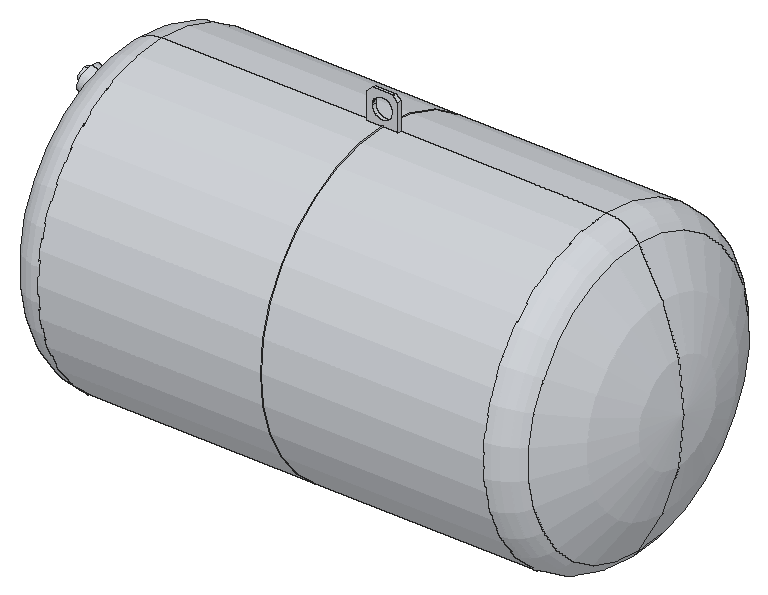
Revit family
Parameters (values of type "AX-260 125# W.P.")
  Weight = "448 lbs"
  Tank Volume = "158.5 Gal"
  Tank Radius = Tank Diameter / 2  # 15.000"
  Tank Length = 58.000"
  Tank Diameter = 30.000"
  Pipe Connector Diameter = Pipe Connection Radius * 2  # 1.250"
  Pipe Connection Radius = 0.625"
  Off Ref Plane = 2.750"
  Model = "AX-260"
  Maximum Acceptance Volume = "56 Gal"
  Max Operating Temp = "240 DEG F"
  Max Operating Pressure = "125 PSI"
  Manufacturer = "Amtrol"
  Bladder/Diaphragm = "Diaphragm"
  ASME = no
  1/2 Tank Length = Tank Length / 2  # 29.000"
Types (5): name | Weight | Tank Volume | Tank Length | Model | Maximum Acceptance Volume | Max Operating Pressure | 1/2 Tank Length
  (no name) | "448 lbs" | "158.5 Gal" | 58.000" | "AX-260" | "56 Gal" | "125 PSI" | 29.000"
  AX-260 125# W.P. | "448 lbs" | "158.5 Gal" | 58.000" | "AX-260" | "56 Gal" | "125 PSI" | 29.000"
  AX-260 150# W.P. 10 BAR | "450 lbs" | "158.5 Gal" | 58.000" | "AX-260" | "56 Gal" | "150 PSI" | 29.000"
  AX-280 125# W.P. | "580 lbs" | "211.4 Gal" | 75.750" | "AX-280" | "84 Gal" | "125 PSI" | 37.875"
  AX-280 150# W.P. 10 BAR | "582 lbs" | "211.4 Gal" | 75.750" | "AX-280" | "84 Gal" | "150 PSI" | 37.875"
Reference planes (in)
  plane 1 "Center (Front/Back)": y = 0
  plane 2: z = 0
  plane 3 "Center (Left/Right)": x = 0
  plane 4: z = 2.75
Forms (in)
  Sweep 1, solid
    path origin (4.99944, 0, 2.98695) x (1, 0, 0) y (0, 0, 1)
      loop
        line (-35.59338, 3.38471) -> (-28.59338, 3.38471)
    profile origin (-27.09394, 0, 6.37167) x (0, 0, 1) y (0, -1, 0)
      loop
        circle (0, 0) r 0.5
  Extrusion 2, solid
    sketch origin (0, 0.0625, 6.02034) x (1, 0, 0) y (0, 0, 1)
      loop
        line (-1.5, 26.60132) -> (1.5, 26.60132) -> (1.5, 29.25) -> (1, 29.75) -> (-1, 29.75) -> (-1.5, 29.25) -> (-1.5, 26.60132)
      loop
        circle (0, 28.20804) r 1
    from -0.10608 to 0.25
  Revolve 3, solid
    sketch origin (-5.42986, 0, 10.95384) x (-1, 0, 0) y (0, 0, 1)
      loop
        line (21.6575, 15.29207) -> (22.14157, 14.09398) -> (23.76414, 14.74954) -> (23.57683, 15.21313) -> (23.70228, 15.26381) -> (23.65386, 15.38366) -> (23.97686, 15.51416) -> (23.72852, 16.12882) -> (21.6575, 15.29207)
      axis (21.6575, 15.29207) -> (23.72852, 16.12882)
    angle from 0 to 360
  Revolve 4, solid
    sketch origin (0, 0, 0) x (1, 0, 0) y (0, 0, 1)
      loop
        line (-29, 17.74569) -> (0, 17.74569) -> (0, 32.74569) -> (-21.59394, 32.74569)
        arc (-21.59394, 32.74569) -> (-23.31979, 32.27408) -> (-24.66741, 31.09725) r 4
        arc (-24.66741, 31.09725) -> (-27.8892, 24.76398) -> (-29, 17.74569) r 22.75
      axis (0, 17.74569) -> (-29, 17.74569)
    angle from 0 to 360
  Revolve 5, solid
    sketch origin (0, 0, 0) x (-1, 0, 0) y (0, 0, 1)
      loop
        line (-29, 17.74569) -> (0, 17.74569) -> (0, 32.74569) -> (-21.59394, 32.74569)
        arc (-21.59394, 32.74569) -> (-23.31979, 32.27408) -> (-24.66741, 31.09725) r 4
        arc (-24.66741, 31.09725) -> (-27.8892, 24.76398) -> (-29, 17.74569) r 22.75
      axis (0, 17.74569) -> (-29, 17.74569)
    angle from 0 to 360
Dimensions and locks (in)
  plane 4 to plane 2 = 2.750"
  Revolve 3 sketch curve to Revolve 3 sketch curve = 2.23366"
  Revolve 3 sketch curve to Revolve 3 sketch curve = 1.750"
  Revolve 3 sketch curve to Revolve 3 sketch curve = 1.8853"
  Revolve 4 sketch curve to level = 17.74569"
  "Tank Radius": Revolve 4 sketch curve to Revolve 4 sketch curve
  "1/2 Tank Length": Revolve 4 sketch curve to Revolve 4 sketch curve
  "Tank Radius": Revolve 5 sketch curve to Revolve 5 sketch curve
  "1/2 Tank Length": Revolve 5 sketch curve to Revolve 5 sketch curve
  Revolve 5 sketch curve to level = 17.74569"
  Revolve 3 sketch curve to Revolve 4 = 5.97749"
  locked: Revolve 3 sketch curve to Revolve 4 at 5.49343
  Sweep 1 sketch curve to Revolve 4 = 2.000"
  radius of Revolve 4 sketch curve = 22.750"
  radius of Revolve 4 sketch curve = 4.000"
  radius of Revolve 5 sketch curve = 22.750"
  radius of Revolve 5 sketch curve = 4.000"
  aligned and locked: Revolve 4 sketch curve to Revolve 4 sketch curve  (x2)
  aligned and locked: Revolve 5 sketch curve to Revolve 5 sketch curve  (x2)
  aligned and locked: import instance to plane 1 "Center (Front/Back)"
  aligned and locked: import instance to plane 4
Automatic sketch dimensions
  Sweep 1 sketch curve to plane 1 "Center (Front/Back)" = 0.000"
  profile plane to Sweep 1 sketch curve = 0.000"
  Extrusion 2 sketch curve to plane 3 "Center (Left/Right)" = 0.000"
  Extrusion 2 sketch curve to plane 3 "Center (Left/Right)" = 1.000"
  Extrusion 2 sketch curve to plane 3 "Center (Left/Right)" = 1.500"
  plane 3 "Center (Left/Right)" to Extrusion 2 sketch curve = 1.000"
  plane 3 "Center (Left/Right)" to Extrusion 2 sketch curve = 1.500"
  plane 4 to Extrusion 2 sketch curve = 29.87167"
  Extrusion 2 sketch curve to Extrusion 2 sketch curve = 1.60672"
  Extrusion 2 sketch curve to Extrusion 2 sketch curve = 1.04196"  (x2)
  Extrusion 2 sketch curve to Extrusion 2 sketch curve = 0.500"
  Revolve 3 sketch curve to Revolve 3 sketch curve = 1.21693"
  Revolve 3 sketch curve to Revolve 3 sketch curve = 1.43527"
  Revolve 3 sketch curve to Revolve 3 sketch curve = 0.07703"
  Revolve 3 sketch curve to level = 26.21765"
  Revolve 3 sketch curve to Revolve 3 sketch curve = 0.04842"
  Revolve 3 sketch curve to Revolve 3 sketch curve = 0.88438"
  Revolve 3 sketch curve to Revolve 3 sketch curve = 0.49167"
  Revolve 3 sketch curve to Revolve 3 sketch curve = 0.35731"
  Revolve 4 sketch curve to plane 3 "Center (Left/Right)" = 0.000"
  Revolve 4 sketch curve to Revolve 4 sketch curve = 5.3837"
  Revolve 4 sketch curve to Revolve 4 sketch curve = 4.33259"
  Revolve 4 sketch curve to Revolve 4 sketch curve = 0.000"
  Revolve 4 sketch curve to Revolve 4 sketch curve = 3.07347"
  Revolve 5 sketch curve to plane 3 "Center (Left/Right)" = 0.000"
  Revolve 5 sketch curve to Revolve 5 sketch curve = 5.3837"
  Revolve 5 sketch curve to Revolve 5 sketch curve = 4.33259"
  Revolve 5 sketch curve to Revolve 5 sketch curve = 0.000"
  Revolve 5 sketch curve to Revolve 5 sketch curve = 3.07347"
  plane 4 to Sweep 1 sketch curve = 3.62167"
  Sweep 1 sketch curve to Sweep 1 sketch curve = 7.000"
  radius of Sweep 1 sketch curve = 0.500"
  radius of Extrusion 2 sketch curve = 1.000"
Connectors (in)
  piping at (-30.59394, 0, 6.37167), driven by "Pipe Connection Radius"
    settings: on Sweep 1, index 1
